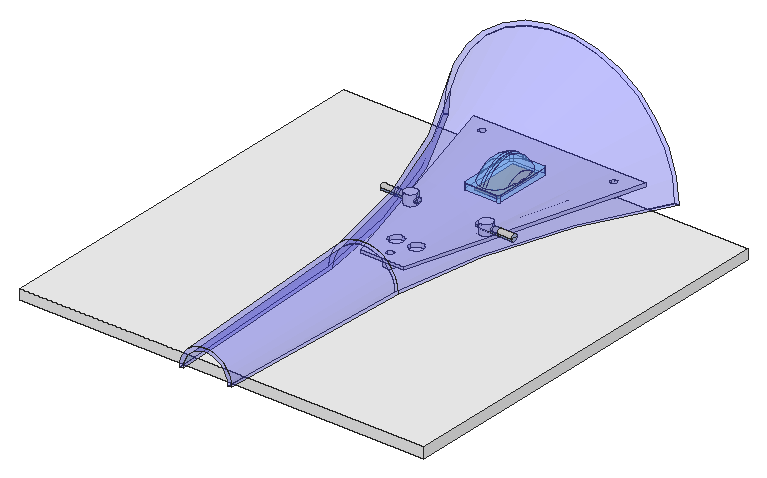
Revit family "BE_50132_de_DE", category Leuchten, Revit 2015
Parameters (values of type "BEGA_50132_K3")
  built-in parameter 1150104 = 8.8258 (stored number, unit not read)
  Wattage = 16 W
  Default Elevation = 0 mm
  built-in parameter 1150113 = 1 (stored number, unit not read)
  built-in parameter 1114218 = 1 (stored number, unit not read)
  Umgebungstemperatur = "25 °C"
  URL = "http://www.bega.de/produkt/50132"
  Typenkommentare = "© 2017 BEGA. Wir behalten uns das Recht vor, technische Änderungen ohne vorherige Ankündigung vorzunehmen."  # constant formula
  built-in parameter 1150134 = (empty or 0)
  built-in parameter 1150109 = 1 (stored number, unit not read)
  Strom = ""
  built-in parameter 1150110 = 1 (stored number, unit not read)
  Spannung = 230 V
  Sonderanfertigung = no
  Seriennummer [instance] = "Hier können Sie die eindeutige Seriennummer für das Facility Management eintragen."
  Schutzklasse = "I"
  Schutzart = ""
  Scheinlast = 0 VA
  Produktdatenblatt = "http://www.bega.de/download/Xrfa/db/50132.db.de.pdf"
  Oberflächentemperatur = ""
  Neigungswinkel = 0.00°
  Modell = "50132K3"
  Material_17 = BEGA_Reflektor
  Material_15 = BEGA_Leuchtmedium_matt
  Material_12 = BEGA_Kunststoff_klar
  Material_11 = BEGA_Glas_opal
  Material_09 = BEGA_Glas_klar
  Material_06 = BEGA_Oberfläche_Edelstahl_gebürstet
  Material_05 = BEGA_Oberfläche_Aluminium Guss
  Material_03 = BEGA_Oberfläche_Weiss_matt
  Material_02 = BEGA_Oberfläche_Silber_matt
  Material_01 [instance] = BEGA_Oberfläche_Grafit_matt
  M_W = no
  M_G = no
  M_A = no
  Logo = 0
  built-in parameter 1114217 = 1 (stored number, unit not read)
  built-in parameter 1150139 = (empty or 0)
  built-in parameter 1150105 = 120.96 (stored number, unit not read)
  built-in parameter 1150114 = 1 (stored number, unit not read)
  Lumens = 1520 lm
  built-in parameter 1150115 = 1 (stored number, unit not read)
  Leuchtenlichtstrom = "1329 lm"
  Leuchtenanzahl = ""
  Lebensdauerkriterien = "L70B50 @ 25 °C =  h"
  Lastklassifizierung = Beleuchtung
  built-in parameter 1150112 = 1 (stored number, unit not read)
  Lampenlichtstrom = "1520 lm"
  Lampe = "LED 16 W"
  LED_Modulbezeichnung = "LED-0608/830 "
  Hersteller = "BEGA"  # constant formula
  Halbstreuwinkel = ""
  Gewicht = "1.16 kg"
  Gebrauchslageneinschränkung [instance] = ""
  Frequenz = "50/60 Hz"
  Farbwiedergabeindex = "Ra > 80"
  Farbtemperaturverschiebung bei Dämpfen der Lampe = <Keine Auswahl>
  Farbtemperatur = "3000 K"
  Color Filter = 16777215
  built-in parameter 1150133 = 10 (stored number, unit not read)
  Energieeffizienzklasse = "LED A++ - A"
  built-in parameter 1150137 = (empty or 0)
  built-in parameter 1150132 = (empty or 0)
  ENEC = ""
  Dimmbar [instance] = ""
  Datei für fotometrisches Netz = "BE_50132.IES"
  CE_Konformität = "ja"
  Bestellnummer = "50132K3"
  Beschreibung_Sonderanfertigung = "Hier können Sie Informationen zur Sonderanfertigung eintragen."
  Beschreibung = "Wandleuchte"
  built-in parameter 1150106 = 1.2096 (stored number, unit not read)
  Befestigungsbohrung = "Ø 6,5 mm"
  Befestigungsabstand = "130 x 195 mm"
  Ballwurfsicher = ""
  BEGA_Intern_aus = yes
  BEGA_Intern_an = yes
  BEGA_Intern_Konstruktion = yes
  BEGA_Intern = yes
  BEGA_IES = yes
  BEGA_Dummy = no
  Anschlussleitung = ""
  Anschlussleistung [instance] = "16 W"
  Anschlusskasten = ""
  built-in parameter 1150107 = 3000 (stored number, unit not read)
  built-in parameter 1150102 = (empty or 0)
  built-in parameter 1150138 = (empty or 0)
  Aktualisierung = "2017-09-15T04:10:31"
  Abstand_zur_angestrahlten_Fläche [instance] = ""
  AC/DC = "AC"
Reference planes
  plane 1 "Mitte (Vorne/Hinten)": y = 0
  plane 2: z = 0
  plane 3 "Mitte (Links/Rechts)": x = 0
  plane 4 "Links": x = -116.5
  plane 5 "Rechts": x = 116.5
  plane 6 "Unten": y = -220
  plane 7 "Oben": y = 220
  plane 8 "Vorne": z = 116.5
  plane 9 "Hinten": z = 0
Forms (mm)
  Extrusion 1, solid, material "BEGA_Platte_Weiss"
    sketch origin (0, -1119.2, 0) x (1, 0, 0) y (0, 1, 0)
      loop
        line (-200, 1319.2) -> (-200, 919.2) -> (200, 919.2) -> (200, 1319.2) -> (-200, 1319.2)
    from 0 to -10
  Extrusion 2, solid, material "BEGA_Dummy_matt", visible <- "BEGA_Dummy"
    sketch origin (80.095, -76.023, 0) x (1, 0, 0) y (0, 1, 0)
      loop
        line (-196.595, 296.023) -> (-196.595, -143.977) -> (36.405, -143.977) -> (36.405, 296.023) -> (-196.595, 296.023)
    from 0 to 116.5
Dimensions and locks
  plane 1 "Mitte (Vorne/Hinten)" to Extrusion 1 = 200 mm
  aligned and locked: plane 2 to Extrusion 1
  aligned and locked: level to Extrusion 1
Nested families
  nested 1: "BE_50132" at (0, 0, 0), type "BE_50132"
Connectors
  electrical at (0, 0, 0), driven by "Lastklassifizierung", driven by "Spannung", driven by "Scheinlast"
    settings: index 1, voltage 230 V, apparent load 0 VA, apparent load phase1 0 VA, apparent load phase2 0 VA, apparent load phase3 0 VA, power factor 1, load classification "Beleuchtung", number of poles 1, system type 31, power factor state 1, is connector primary yes, connector utility no, sub classification motor no, connector description ""
Definition of nested family "BE_50132"
  Parameters (values of type "BE_50132")
    Default Elevation = 1 mm
    URL = "http://www.bega.de/de/produkt"
    Type Comments = "© 2015 BEGA. Wir behalten uns das Recht vor, technische Änderungen ohne vorherige Ankündigung vorzunehmen. "  # constant formula
    Type Image = (empty or 0)
    Neigungswinkel_um_Z2 = 0.00°
    Neigungswinkel_um_Z1 = 0.00°
    Neigungswinkel_um_Y2 = 0.00°
    Neigungswinkel_um_Y1 = 0.00°
    Neigungswinkel_um_X2 = 0.00°
    Neigungswinkel_um_X1 = 0.00°
    Material_17 = none
    Material_15 = none
    Material_12 = none
    Material_11 = none
    Material_09 = none
    Material_06 = none
    Material_05 = none
    Material_03 = none
    Material_02 = none
    Material_01 = none
    M_W = yes
    M_G = yes
    M_A = yes
    Länge_Platte = 300 mm  # constant formula
    Höhe_Platte = -10 mm  # constant formula
    Manufacturer = "BEGA"  # constant formula
    Drehwinkel_um_Z2 = 0.00°
    Drehwinkel_um_Z1 = 0.00°
    Breite_Platte = 500 mm  # constant formula
  Reference planes
    plane 1 "Mitte (Oben/Unten)": y = 0
    plane 2: z = 0
    plane 3 "Mitte (Links/Rechts)": x = 0
    plane 4: x = -116.5
    plane 5: x = 116.5
    plane 6: z = 116.5
    plane 7: y = -220
    plane 8: y = 220
  Forms (mm)
    Extrusion 1, solid, detail levels medium
      sketch origin (0, 0, 0) x (1, 0, 0) y (0, 1, 0)
        loop
          line (-150, 250) -> (-150, -250) -> (150, -250) -> (150, 250) -> (-150, 250)
      from 0 to -10 <- "Höhe_Platte"
    Revolve 2, solid, material <- "Material_11", detail levels medium+fine
      sketch origin (0, 0, 0) x (0, 1, 0) y (0, 0, 1)
        loop
          arc (-24.359, 30.776) -> (102.51, 57.144) -> (220, 111.8) r 563.4
          line (220, 111.8) -> (220, 116.5)
          arc (220, 116.5) -> (102.418, 61.329) -> (-24.718, 34.76) r 559.4
          arc (-24.718, 34.76) -> (-122.261, 28.191) -> (-220, 26) r 2180.97
          line (-220, 26) -> (-220, 22)
          arc (-220, 22) -> (-122.081, 24.195) -> (-24.359, 30.776) r 2184.97
        axis (220, 0) -> (-220, 0)
      angle from -90 to 90
    Revolve 3, solid, material <- "Material_12", detail levels medium+fine
      sketch origin (0, 150.5, 0) x (1, 0, 0) y (0, 0, 1)
        loop
          arc (-2.788, 34.362) -> (-10.157, 30.927) -> (-14.774, 24.236) r 15.5
          arc (-14.774, 24.236) -> (-15.731, 20.767) -> (-16.2, 17.2) r 26.073
          line (-16.2, 17.2) -> (16.2, 17.2)
          arc (16.2, 17.2) -> (15.731, 20.767) -> (14.774, 24.236) r 26.073
          arc (14.774, 24.236) -> (10.157, 30.927) -> (2.789, 34.362) r 15.5
          arc (2.789, 34.362) -> (1.399, 34.54) -> (0, 34.6) r 16.458
          arc (0, 34.6) -> (-1.399, 34.54) -> (-2.788, 34.362) r 16.458
        axis (-16.2, 3.6) -> (16.2, 3.6)
      angle from -90 to 90
    Extrusion 4, void
      sketch origin (0, 0, 0) x (0, 1, 0) y (0, 0, 1)
        loop
          line (181.95, 17.2) -> (116.409, 17.2) -> (116.409, -1.303) -> (181.95, -1.303) -> (181.95, 17.2)
      from -19.108 to 19.32
    Extrusion 5, solid, material <- "Material_12", detail levels medium+fine
      sketch origin (0, 0, 0) x (1, 0, 0) y (0, 1, 0)
        loop
          line (15.275, 180.214) -> (-15.275, 180.214)
          arc (-15.275, 180.214) -> (-16.849, 179.654) -> (-17.714, 178.226) r 2.489
          line (-17.714, 178.226) -> (-17.714, 122.775)
          arc (-17.714, 122.775) -> (-16.849, 121.346) -> (-15.275, 120.786) r 2.489
          line (-15.275, 120.786) -> (15.275, 120.786)
          arc (15.275, 120.786) -> (16.849, 121.346) -> (17.714, 122.775) r 2.489
          line (17.714, 122.775) -> (17.714, 178.226)
          arc (17.714, 178.226) -> (16.849, 179.654) -> (15.275, 180.214) r 2.489
      from 10.249 to 17.2
    Extrusion 6, solid, material <- "Material_03", detail levels medium+fine
      sketch origin (0, 0, 0) x (1, 0, 0) y (0, 1, 0)
        loop
          line (-21.5, -2) -> (21.5, -2) -> (85, 218) -> (-85, 218) -> (-21.5, -2)
      from 6.994 to 10.249
    Extrusion 7, solid, material <- "Material_15", detail levels medium+fine
      sketch origin (0, 0, 0) x (1, 0, 0) y (0, 1, 0)
        loop
          line (-11.5, 174.3) -> (-11.5, 126.7) -> (11.5, 126.7) -> (11.5, 174.3) -> (-11.5, 174.3)
      from 10.249 to 12
    Extrusion 8, solid, material <- "Material_03", detail levels medium+fine
      sketch origin (0, 0, 0) x (1, 0, 0) y (0, 1, 0)
        loop
          circle (-65, 203) r 6
        loop
          circle (0, 8) r 6
        loop
          circle (65, 203) r 6
      from 0 to 8.2
    Extrusion 9, void
      sketch origin (0, 0, 0) x (1, 0, 0) y (0, 1, 0)
        loop
          circle (-65, 203) r 3.25
        loop
          circle (0, 8) r 3.25
        loop
          circle (-10, 28) r 7
        loop
          circle (65, 203) r 3.25
        loop
          circle (10, 28) r 7
      from 0 to 10.75
    Extrusion 10, solid, material <- "Material_03", detail levels medium+fine
      sketch origin (0, 0, 0) x (1, 0, 0) y (0, 1, 0)
        loop
          circle (-37.5, 80) r 6
        loop
          circle (37.5, 80) r 6
      from 9.627 to 20
    Revolve 11, void
      sketch origin (0, 0, 15) x (-1, 0, 0) y (0, -1, 0)
        loop
          line (55.69, -83.5) -> (55.69, -80) -> (45.467, -80) -> (45.467, -83.5) -> (55.69, -83.5)
        axis (45.467, -80) -> (55.69, -80)
      angle from 0 to 360
    Revolve 12, solid, material <- "Material_06", detail levels fine
      sketch origin (0, 14, 15) x (-1, 0, 0) y (0, -1, 0)
        loop
          line (65, -69) -> (65, -66) -> (28, -66)
          arc (28, -66) -> (28.197, -67.07) -> (28.764, -68) r 3
          line (28.764, -68) -> (31, -68) -> (32, -69) -> (65, -69)
        axis (28, -66) -> (65, -66)
      angle from 0 to 360
    Revolve 13, void
      sketch origin (0, 0, 15) x (1, 0, 0) y (0, 1, 0)
        loop
          line (55.69, 83.5) -> (45.467, 83.5) -> (45.467, 80) -> (55.69, 80) -> (55.69, 83.5)
        axis (45.467, 80) -> (55.69, 80)
      angle from 0 to 360
    Revolve 14, solid, material <- "Material_06", detail levels fine
      sketch origin (0, 14, 15) x (1, 0, 0) y (0, 1, 0)
        loop
          line (65, 69) -> (32, 69) -> (31, 68) -> (28.764, 68)
          arc (28.764, 68) -> (28.197, 67.07) -> (28, 66) r 3
          line (28, 66) -> (65, 66) -> (65, 69)
        axis (28, 66) -> (65, 66)
      angle from 0 to 360
  Cuts and joins
    Extrusion 4, Extrusion 9, Revolve 11, Revolve 13 cuts Revolve 2
    Extrusion 4 cuts Revolve 3
    joined: Revolve 3, Extrusion 5
    Extrusion 9 cuts Extrusion 6
    Extrusion 9 cuts Extrusion 8
    joined: Extrusion 6, Extrusion 8, Extrusion 10
  Dimensions and locks
    equal spacing: Extrusion 1 sketch curve, plane 3 "Mitte (Links/Rechts)", Extrusion 1 sketch curve
    equal spacing: Extrusion 1 sketch curve, plane 1 "Mitte (Oben/Unten)", Extrusion 1 sketch curve
    "Länge_Platte": Extrusion 1 sketch curve to Extrusion 1 sketch curve
    "Breite_Platte": Extrusion 1 sketch curve to Extrusion 1 sketch curve
    aligned and locked: Extrusion 1 to plane 2
    aligned and locked: level to Extrusion 1
  Automatic sketch dimensions
    Revolve 2 sketch curve to level = 0 mm
    plane 1 "Mitte (Oben/Unten)" to Revolve 2 sketch curve = 74.806 mm
    Revolve 2 sketch curve to Revolve 2 sketch curve = 0 mm  (x3)
    level to Revolve 2 sketch curve = 22 mm
    Revolve 2 sketch curve to Revolve 2 sketch curve = 4 mm
    Revolve 2 sketch curve to Revolve 2 sketch curve = 4.7 mm
    Revolve 2 sketch curve to Revolve 2 sketch curve = 1615.057 mm
    Revolve 2 sketch curve to plane 1 "Mitte (Oben/Unten)" = 81 mm
    Revolve 2 sketch curve to Revolve 2 sketch curve = 45 mm
    Revolve 3 sketch curve to plane 3 "Mitte (Links/Rechts)" = 0 mm  (x2)
    Revolve 3 sketch curve to plane 3 "Mitte (Links/Rechts)" = 0.001 mm
    Revolve 3 sketch curve to plane 3 "Mitte (Links/Rechts)" = 0.154 mm
    Revolve 3 sketch curve to plane 3 "Mitte (Links/Rechts)" = 9.822 mm
    Revolve 3 sketch curve to Revolve 3 sketch curve = 6.378 mm  (x2)
    plane 3 "Mitte (Links/Rechts)" to Revolve 3 sketch curve = 0.001 mm
    plane 3 "Mitte (Links/Rechts)" to Revolve 3 sketch curve = 0.154 mm
    plane 3 "Mitte (Links/Rechts)" to Revolve 3 sketch curve = 9.822 mm
    level to Revolve 3 sketch curve = 15.587 mm  (x2)
    Revolve 3 sketch curve to Revolve 3 sketch curve = 1.613 mm
    Revolve 3 sketch curve to Revolve 3 sketch curve = 2.555 mm
    Revolve 3 sketch curve to Revolve 3 sketch curve = 0 mm  (x5)
    Revolve 3 sketch curve to Revolve 3 sketch curve = 0.945 mm
    Revolve 3 sketch curve to plane 3 "Mitte (Links/Rechts)" = 2.788 mm
    Revolve 3 sketch curve to Revolve 3 sketch curve = 1.426 mm  (x2)
    plane 3 "Mitte (Links/Rechts)" to Revolve 3 sketch curve = 2.789 mm
    level to Revolve 3 sketch curve = 3.6 mm
    plane 3 "Mitte (Links/Rechts)" to Revolve 3 sketch curve = 9.097 mm
    level to Extrusion 4 sketch curve = 17.2 mm
    Extrusion 4 sketch curve to plane 1 "Mitte (Oben/Unten)" = 116.409 mm
    Extrusion 4 sketch curve to level = 1.303 mm
    plane 1 "Mitte (Oben/Unten)" to Extrusion 6 sketch curve = 2 mm
    Extrusion 6 sketch curve to plane 3 "Mitte (Links/Rechts)" = 21.5 mm
    plane 3 "Mitte (Links/Rechts)" to Extrusion 6 sketch curve = 21.5 mm
    Extrusion 8 sketch curve to plane 3 "Mitte (Links/Rechts)" = 0 mm
    Extrusion 8 sketch curve to plane 1 "Mitte (Oben/Unten)" = 8 mm
    Extrusion 9 sketch curve to plane 3 "Mitte (Links/Rechts)" = 0 mm
    Extrusion 9 sketch curve to plane 3 "Mitte (Links/Rechts)" = 10 mm
    plane 3 "Mitte (Links/Rechts)" to Extrusion 9 sketch curve = 10 mm
    Extrusion 9 sketch curve to plane 1 "Mitte (Oben/Unten)" = 8 mm
    Extrusion 9 sketch curve to Extrusion 9 sketch curve = 20 mm
    Extrusion 9 sketch curve to Extrusion 9 sketch curve = 0 mm  (x2)
    Extrusion 10 sketch curve to plane 3 "Mitte (Links/Rechts)" = 37.5 mm
    plane 3 "Mitte (Links/Rechts)" to Extrusion 10 sketch curve = 37.5 mm
    Extrusion 10 sketch curve to plane 1 "Mitte (Oben/Unten)" = 80 mm
    Extrusion 10 sketch curve to Extrusion 10 sketch curve = 0 mm
    Revolve 11 sketch curve to plane 3 "Mitte (Links/Rechts)" = 45.467 mm
    Revolve 11 sketch curve to Revolve 11 sketch curve = 10.223 mm
    Revolve 11 sketch curve to plane 1 "Mitte (Oben/Unten)" = 83.5 mm
    Revolve 11 sketch curve to Revolve 11 sketch curve = 3.5 mm
    Revolve 11 sketch curve to Revolve 11 sketch curve = 11.174 mm
    Revolve 11 sketch curve to Revolve 11 sketch curve = 1.397 mm
    Revolve 11 sketch curve to Revolve 11 sketch curve = 0 mm
    Revolve 12 sketch curve to plane 3 "Mitte (Links/Rechts)" = 28 mm
    Revolve 12 sketch curve to Revolve 12 sketch curve = 0.764 mm
    Revolve 12 sketch curve to Revolve 12 sketch curve = 2.236 mm
    Revolve 12 sketch curve to Revolve 12 sketch curve = 0 mm  (x2)
    Revolve 12 sketch curve to Revolve 12 sketch curve = 1 mm  (x2)
    Revolve 12 sketch curve to plane 1 "Mitte (Oben/Unten)" = 83 mm
    Revolve 12 sketch curve to Revolve 12 sketch curve = 4.786 mm
    Revolve 12 sketch curve to Revolve 12 sketch curve = 7.3 mm
    plane 3 "Mitte (Links/Rechts)" to Revolve 13 sketch curve = 45.467 mm
    Revolve 13 sketch curve to Revolve 13 sketch curve = 10.223 mm
    Revolve 13 sketch curve to plane 1 "Mitte (Oben/Unten)" = 80 mm
    Revolve 13 sketch curve to Revolve 13 sketch curve = 3.5 mm
    Revolve 13 sketch curve to Revolve 13 sketch curve = 11.174 mm
    Revolve 13 sketch curve to Revolve 13 sketch curve = 1.397 mm
    Revolve 13 sketch curve to Revolve 13 sketch curve = 0 mm
    plane 3 "Mitte (Links/Rechts)" to Revolve 14 sketch curve = 28 mm
    Revolve 14 sketch curve to Revolve 14 sketch curve = 0.764 mm
    Revolve 14 sketch curve to Revolve 14 sketch curve = 2.236 mm
    Revolve 14 sketch curve to Revolve 14 sketch curve = 0 mm  (x2)
    Revolve 14 sketch curve to Revolve 14 sketch curve = 1 mm
    Revolve 14 sketch curve to plane 1 "Mitte (Oben/Unten)" = 80 mm
    Revolve 14 sketch curve to Revolve 14 sketch curve = 3 mm
    Revolve 14 sketch curve to Revolve 14 sketch curve = 4.786 mm
    Revolve 14 sketch curve to Revolve 14 sketch curve = 7.3 mm
    Extrusion 5 sketch curve to Extrusion 5 sketch curve = 2.438 mm  (x3)
    Extrusion 5 sketch curve to Extrusion 5 sketch curve = 2.439 mm  (x2)
    Extrusion 5 sketch curve to Extrusion 5 sketch curve = 0 mm  (x10)
    plane 3 "Mitte (Links/Rechts)" to Extrusion 5 sketch curve = 15.275 mm
    Extrusion 5 sketch curve to Extrusion 5 sketch curve = 1.988 mm  (x2)
    Extrusion 5 sketch curve to plane 3 "Mitte (Links/Rechts)" = 15.276 mm
    Extrusion 5 sketch curve to Extrusion 5 sketch curve = 0.501 mm  (x3)
    Extrusion 7 sketch curve to plane 3 "Mitte (Links/Rechts)" = 11.5 mm
    plane 3 "Mitte (Links/Rechts)" to Extrusion 7 sketch curve = 11.5 mm
    level to Revolve 2 sketch curve = 111.8 mm
    Revolve 2 sketch curve to Revolve 2 sketch curve = 475.414 mm
    Extrusion 6 sketch curve to plane 3 "Mitte (Links/Rechts)" = 85 mm
    Extrusion 8 sketch curve to plane 3 "Mitte (Links/Rechts)" = 65 mm
    Extrusion 9 sketch curve to plane 3 "Mitte (Links/Rechts)" = 65 mm
    Revolve 12 sketch curve to Revolve 12 sketch curve = 29.214 mm
    plane 3 "Mitte (Links/Rechts)" to Extrusion 6 sketch curve = 85 mm
    plane 3 "Mitte (Links/Rechts)" to Extrusion 8 sketch curve = 65 mm
    plane 3 "Mitte (Links/Rechts)" to Extrusion 9 sketch curve = 65 mm
    Revolve 14 sketch curve to Revolve 14 sketch curve = 29.214 mm
    plane 1 "Mitte (Oben/Unten)" to Revolve 2 sketch curve = 220 mm
    Revolve 2 sketch curve to Revolve 2 sketch curve = 94 mm
    Extrusion 4 sketch curve to Extrusion 4 sketch curve = 65.541 mm
    Extrusion 5 sketch curve to plane 1 "Mitte (Oben/Unten)" = 122.775 mm
    Extrusion 5 sketch curve to Extrusion 5 sketch curve = 54.449 mm
    Extrusion 6 sketch curve to plane 1 "Mitte (Oben/Unten)" = 218 mm
    Extrusion 7 sketch curve to plane 1 "Mitte (Oben/Unten)" = 126.7 mm
    Extrusion 7 sketch curve to Extrusion 7 sketch curve = 47.6 mm
    Extrusion 8 sketch curve to plane 1 "Mitte (Oben/Unten)" = 203 mm
    Extrusion 8 sketch curve to Extrusion 8 sketch curve = 0 mm
    Extrusion 9 sketch curve to Extrusion 9 sketch curve = 175 mm
    radius of Extrusion 8 sketch curve = 6 mm  (x3)
    radius of Extrusion 9 sketch curve = 3.25 mm  (x3)
    radius of Extrusion 9 sketch curve = 7 mm  (x2)
    radius of Extrusion 10 sketch curve = 6 mm  (x2)
